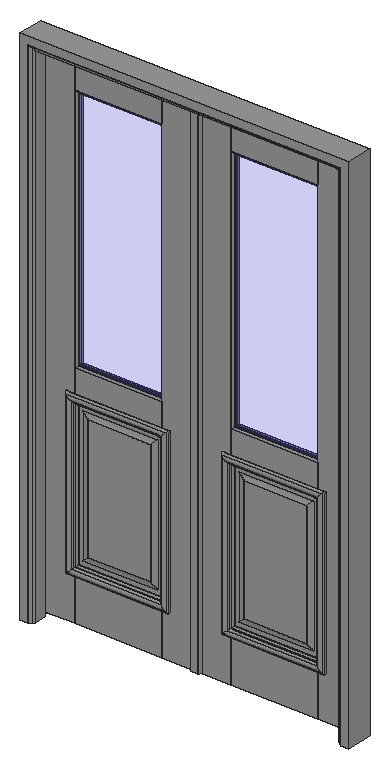
Revit family "I2P 610 GT HB", category Doors, host Wall, Revit 2013
Parameters (values of type "I2P 610 GT HB")
  Function = Interior
  Frame Projection Ext. = 25 mm
  Frame Projection Int. = 25 mm
  Frame Width = 75 mm
  Height = 2090 mm
  Wall Closure = By host
  Width = 1306 mm
Reference planes
  plane 1: y = 0
  plane 2 "Center (Left/Right)": x = 0
  plane 3 "Left": x = -653
  plane 4 "Right": x = 653
  plane 5: z = 2090
  plane 6 "Exterior": y = 75
  plane 7 "Interior": y = -75
  plane 8: z = 1947
  plane 9: z = 1681.667
Forms (mm)
  Sweep 1, solid, material "Lauan, Meranti"
    path origin (0, 75, 0) x (1, 0, 0) y (0, 0, 1)
      loop
        line (653, 0) -> (653, 2090) -> (-653, 2090) -> (-653, 0)
    profile "Van Acht 105x50 Door Frame Routed Profile (Heavy) : Van Acht 105x50 Door Frame Routed Profile (Heavy)" origin (653, 75, 1045) x (-1, 0, 0) y (0, -1, 0)
      loop
        line (0, 22.5) -> (38, 22.5) -> (38, 67.5) -> (50, 67.5) -> (50, 112.5)
        arc (50, 112.5) -> (44.957, 114.29) -> (42.17, 118.859) r 8
        line (42.17, 118.859) -> (39, 118.859)
        arc (39, 118.859) -> (35.311, 122.973) -> (30, 124.5) r 10
        line (30, 124.5) -> (30, 127.5) -> (0, 127.5) -> (0, 22.5)
  Extrusion 2, solid, material "Lauan, Meranti"
    sketch origin (0, 0, 0) x (1, 0, 0) y (0, 1, 0)
      loop
        line (-12, -2.5) -> (12, -2.5) -> (12, -0.5)
        arc (12, -0.5) -> (17.657, 1.843) -> (20, 7.5) r 8
        line (20, 7.5) -> (5, 7.5) -> (5, 39.5)
        spline (5, 39.5) -> (4.83, 42.088) -> (4.33, 44.5) -> (3.536, 46.571) -> (2.5, 48.16) -> (1.294, 49.159) -> (0, 49.5) -> (-1.294, 49.159) -> (-2.5, 48.16) -> (-3.536, 46.571) -> (-4.33, 44.5) -> (-4.83, 42.088) -> (-5, 39.5)
        line (-5, 39.5) -> (-5, 7.5) -> (-20, 7.5)
        arc (-20, 7.5) -> (-17.657, 1.843) -> (-12, -0.5) r 8
        line (-12, -0.5) -> (-12, -2.5)
    from 20 to 2040
  Extrusion 3, solid, material "Lauan, Meranti"
    sketch origin (0, 0, 1802) x (1, 0, 0) y (0, 1, 0)
      loop
        spline (5, 39.5) -> (4.83, 42.088) -> (4.33, 44.5) -> (3.536, 46.571) -> (2.5, 48.16) -> (1.294, 49.159) -> (0, 49.5) -> (-1.294, 49.159) -> (-2.5, 48.16) -> (-3.536, 46.571) -> (-4.33, 44.5) -> (-4.83, 42.088) -> (-5, 39.5)
        line (-5, 39.5) -> (-5, 7.5) -> (5, 7.5) -> (5, 39.5)
    from 238 to 250
  Extrusion 4, solid, material "Lauan, Meranti"
    sketch origin (208.5, 140, 0) x (0, -1, 0) y (0, 0, -1)
      loop
        line (132.5, -20) -> (92.5, -20) -> (92.5, -221) -> (94.5, -221)
        arc (94.5, -221) -> (96.134, -225.67) -> (100.5, -228) r 6.807
        line (100.5, -228) -> (100.5, -230) -> (102.5, -230) -> (102.5, -215) -> (122.5, -215) -> (122.5, -230) -> (124.5, -230) -> (124.5, -228)
        arc (124.5, -228) -> (128.866, -225.67) -> (130.5, -221) r 6.807
        line (130.5, -221) -> (132.5, -221) -> (132.5, -20)
      loop
        line (132.5, -809) -> (130.5, -809)
        arc (130.5, -809) -> (128.866, -804.33) -> (124.5, -802) r 6.807
        line (124.5, -802) -> (124.5, -800) -> (122.5, -800) -> (122.5, -815) -> (102.5, -815) -> (102.5, -800) -> (100.5, -800) -> (100.5, -802)
        arc (100.5, -802) -> (96.134, -804.33) -> (94.5, -809) r 6.807
        line (94.5, -809) -> (92.5, -809) -> (92.5, -931) -> (122.5, -931) -> (122.5, -940) -> (124.5, -940) -> (124.5, -938)
        arc (124.5, -938) -> (128.866, -935.67) -> (130.5, -931) r 6.807
        line (130.5, -931) -> (132.5, -931) -> (132.5, -809)
      loop
        arc (130.5, -1921) -> (128.866, -1916.33) -> (124.5, -1914) r 6.807
        line (124.5, -1914) -> (124.5, -1912) -> (122.5, -1912) -> (122.5, -1921) -> (92.5, -1921) -> (92.5, -2052) -> (132.5, -2052) -> (132.5, -1921) -> (130.5, -1921)
    from -72.5 to 275.5
  Extrusion 5, solid, material "Lauan, Meranti"
    sketch origin (208.5, 55, 0) x (1, 0, 0) y (0, 1, 0)
      loop
        line (-203.5, -47.5) -> (-72.5, -47.5) -> (-72.5, -45.5)
        arc (-72.5, -45.5) -> (-67.765, -43.94) -> (-65.5, -39.5) r 6.549
        line (-65.5, -39.5) -> (-63.5, -39.5) -> (-63.5, -37.5) -> (-78.5, -37.5) -> (-78.5, -17.5) -> (-63.5, -17.5) -> (-63.5, -15.5) -> (-65.5, -15.5)
        arc (-65.5, -15.5) -> (-67.765, -11.06) -> (-72.5, -9.5) r 6.549
        line (-72.5, -9.5) -> (-72.5, -7.5) -> (-203.5, -7.5) -> (-203.5, -47.5)
      loop
        line (406.5, -47.5) -> (406.5, -7.5) -> (275.5, -7.5) -> (275.5, -9.5)
        arc (275.5, -9.5) -> (270.765, -11.06) -> (268.5, -15.5) r 6.549
        line (268.5, -15.5) -> (266.5, -15.5) -> (266.5, -17.5) -> (281.5, -17.5) -> (281.5, -37.5) -> (266.5, -37.5) -> (266.5, -39.5) -> (268.5, -39.5)
        arc (268.5, -39.5) -> (270.765, -43.94) -> (275.5, -45.5) r 6.549
        line (275.5, -45.5) -> (275.5, -47.5) -> (406.5, -47.5)
    from 20 to 931
  Sweep 6, solid, material "Lauan, Meranti"
    path origin (208.5, -20, 0) x (1, 0, 0) y (0, 0, -1)
      loop
        line (275.5, -809) -> (275.5, -221) -> (-72.5, -221) -> (-72.5, -809) -> (275.5, -809)
    profile origin (310, -20, 809) x (0, 0, 1) y (0, 1, 0)
      loop
        line (4.5, 57.5) -> (-25.727, 57.5)
        arc (-25.727, 57.5) -> (-37.468, 59.153) -> (-48.5, 63.5) r 50.456
        line (-48.5, 63.5) -> (-48.5, 31.5)
        arc (-48.5, 31.5) -> (-37.468, 35.847) -> (-25.727, 37.5) r 50.456
        line (-25.727, 37.5) -> (4.5, 37.5) -> (4.5, 57.5)
  Extrusion 7, solid, material "Lauan, Meranti"
    sketch origin (208.5, -20, 0) x (1, 0, 0) y (0, 0, -1)
      loop
        line (227, -760.5) -> (227, -269.5) -> (-24, -269.5) -> (-24, -760.5) -> (227, -760.5)
    from 31.5 to 63.5
  Extrusion 8, solid, material "Lauan, Meranti"
    sketch origin (208.5, 55, 0) x (1, 0, 0) y (0, 1, 0)
      loop
        line (-203.5, -47.5) -> (-72.5, -47.5) -> (-72.5, -45.5)
        arc (-72.5, -45.5) -> (-67.765, -43.94) -> (-65.5, -39.5) r 6.549
        line (-65.5, -39.5) -> (-63.5, -39.5) -> (-63.5, -37.5) -> (-72.5, -37.5) -> (-72.5, -7.5) -> (-203.5, -7.5) -> (-203.5, -47.5)
      loop
        line (406.5, -47.5) -> (406.5, -7.5) -> (275.5, -7.5) -> (275.5, -37.5) -> (266.5, -37.5) -> (266.5, -39.5) -> (268.5, -39.5)
        arc (268.5, -39.5) -> (270.765, -43.94) -> (275.5, -45.5) r 6.549
        line (275.5, -45.5) -> (275.5, -47.5) -> (406.5, -47.5)
    from 931 to 2052
  Extrusion 9, solid, material "Glass"
    sketch origin (208.5, 130, 0) x (1, 0, 0) y (0, 0, -1)
      loop
        line (-72.5, -1921) -> (275.5, -1921) -> (275.5, -931) -> (-72.5, -931) -> (-72.5, -1921)
    from -112.5 to -106.1
  Sweep 10, solid, material "Lauan, Meranti"
    path origin (208.5, 130, 0) x (1, 0, 0) y (0, 0, -1)
      loop
        line (-72.5, -1921) -> (275.5, -1921) -> (275.5, -931) -> (-72.5, -931) -> (-72.5, -1921)
    profile origin (310, 130, 1921) x (0, 0, -1) y (0, 1, 0)
      loop
        line (9, -106.1) -> (9, -104.1) -> (7, -104.1)
        arc (7, -104.1) -> (4.67, -99.734) -> (0, -98.1) r 6.807
        line (0, -98.1) -> (0, -106.1) -> (9, -106.1)
  Extrusion 11, solid, material "Lauan, Meranti"
    sketch origin (-411.5, 140, 0) x (0, -1, 0) y (0, 0, -1)
      loop
        line (132.5, -20) -> (92.5, -20) -> (92.5, -221) -> (94.5, -221)
        arc (94.5, -221) -> (96.134, -225.67) -> (100.5, -228) r 6.807
        line (100.5, -228) -> (100.5, -230) -> (102.5, -230) -> (102.5, -215) -> (122.5, -215) -> (122.5, -230) -> (124.5, -230) -> (124.5, -228)
        arc (124.5, -228) -> (128.866, -225.67) -> (130.5, -221) r 6.807
        line (130.5, -221) -> (132.5, -221) -> (132.5, -20)
      loop
        line (132.5, -809) -> (130.5, -809)
        arc (130.5, -809) -> (128.866, -804.33) -> (124.5, -802) r 6.807
        line (124.5, -802) -> (124.5, -800) -> (122.5, -800) -> (122.5, -815) -> (102.5, -815) -> (102.5, -800) -> (100.5, -800) -> (100.5, -802)
        arc (100.5, -802) -> (96.134, -804.33) -> (94.5, -809) r 6.807
        line (94.5, -809) -> (92.5, -809) -> (92.5, -931) -> (122.5, -931) -> (122.5, -940) -> (124.5, -940) -> (124.5, -938)
        arc (124.5, -938) -> (128.866, -935.67) -> (130.5, -931) r 6.807
        line (130.5, -931) -> (132.5, -931) -> (132.5, -809)
      loop
        arc (130.5, -1921) -> (128.866, -1916.33) -> (124.5, -1914) r 6.807
        line (124.5, -1914) -> (124.5, -1912) -> (122.5, -1912) -> (122.5, -1921) -> (92.5, -1921) -> (92.5, -2052) -> (132.5, -2052) -> (132.5, -1921) -> (130.5, -1921)
    from -72.5 to 275.5
  Extrusion 12, solid, material "Lauan, Meranti"
    sketch origin (-411.5, 55, 0) x (1, 0, 0) y (0, 1, 0)
      loop
        line (-203.5, -47.5) -> (-72.5, -47.5) -> (-72.5, -45.5)
        arc (-72.5, -45.5) -> (-67.765, -43.94) -> (-65.5, -39.5) r 6.549
        line (-65.5, -39.5) -> (-63.5, -39.5) -> (-63.5, -37.5) -> (-78.5, -37.5) -> (-78.5, -17.5) -> (-63.5, -17.5) -> (-63.5, -15.5) -> (-65.5, -15.5)
        arc (-65.5, -15.5) -> (-67.765, -11.06) -> (-72.5, -9.5) r 6.549
        line (-72.5, -9.5) -> (-72.5, -7.5) -> (-203.5, -7.5) -> (-203.5, -47.5)
      loop
        line (406.5, -47.5) -> (406.5, -7.5) -> (275.5, -7.5) -> (275.5, -9.5)
        arc (275.5, -9.5) -> (270.765, -11.06) -> (268.5, -15.5) r 6.549
        line (268.5, -15.5) -> (266.5, -15.5) -> (266.5, -17.5) -> (281.5, -17.5) -> (281.5, -37.5) -> (266.5, -37.5) -> (266.5, -39.5) -> (268.5, -39.5)
        arc (268.5, -39.5) -> (270.765, -43.94) -> (275.5, -45.5) r 6.549
        line (275.5, -45.5) -> (275.5, -47.5) -> (406.5, -47.5)
    from 20 to 931
  Sweep 13, solid, material "Lauan, Meranti"
    path origin (-411.5, -20, 0) x (1, 0, 0) y (0, 0, -1)
      loop
        line (275.5, -809) -> (275.5, -221) -> (-72.5, -221) -> (-72.5, -809) -> (275.5, -809)
    profile origin (-310, -20, 809) x (0, 0, 1) y (0, 1, 0)
      loop
        line (4.5, 57.5) -> (-25.727, 57.5)
        arc (-25.727, 57.5) -> (-37.468, 59.153) -> (-48.5, 63.5) r 50.456
        line (-48.5, 63.5) -> (-48.5, 31.5)
        arc (-48.5, 31.5) -> (-37.468, 35.847) -> (-25.727, 37.5) r 50.456
        line (-25.727, 37.5) -> (4.5, 37.5) -> (4.5, 57.5)
  Extrusion 14, solid, material "Lauan, Meranti"
    sketch origin (-411.5, -20, 0) x (1, 0, 0) y (0, 0, -1)
      loop
        line (227, -760.5) -> (227, -269.5) -> (-24, -269.5) -> (-24, -760.5) -> (227, -760.5)
    from 31.5 to 63.5
  Extrusion 15, solid, material "Lauan, Meranti"
    sketch origin (-411.5, 55, 0) x (1, 0, 0) y (0, 1, 0)
      loop
        line (-203.5, -47.5) -> (-72.5, -47.5) -> (-72.5, -45.5)
        arc (-72.5, -45.5) -> (-67.765, -43.94) -> (-65.5, -39.5) r 6.549
        line (-65.5, -39.5) -> (-63.5, -39.5) -> (-63.5, -37.5) -> (-72.5, -37.5) -> (-72.5, -7.5) -> (-203.5, -7.5) -> (-203.5, -47.5)
      loop
        line (406.5, -47.5) -> (406.5, -7.5) -> (275.5, -7.5) -> (275.5, -37.5) -> (266.5, -37.5) -> (266.5, -39.5) -> (268.5, -39.5)
        arc (268.5, -39.5) -> (270.765, -43.94) -> (275.5, -45.5) r 6.549
        line (275.5, -45.5) -> (275.5, -47.5) -> (406.5, -47.5)
    from 931 to 2052
  Extrusion 16, solid, material "Glass"
    sketch origin (-411.5, 130, 0) x (1, 0, 0) y (0, 0, -1)
      loop
        line (-72.5, -1921) -> (275.5, -1921) -> (275.5, -931) -> (-72.5, -931) -> (-72.5, -1921)
    from -112.5 to -106.1
  Sweep 17, solid, material "Lauan, Meranti"
    path origin (-411.5, 130, 0) x (1, 0, 0) y (0, 0, -1)
      loop
        line (-72.5, -1921) -> (275.5, -1921) -> (275.5, -931) -> (-72.5, -931) -> (-72.5, -1921)
    profile origin (-310, 130, 1921) x (0, 0, -1) y (0, 1, 0)
      loop
        line (9, -106.1) -> (9, -104.1) -> (7, -104.1)
        arc (7, -104.1) -> (4.67, -99.734) -> (0, -98.1) r 6.807
        line (0, -98.1) -> (0, -106.1) -> (9, -106.1)
  Sweep 18, solid, material "Lauan, Meranti"
    path origin (270.209, -20, -1299.051) x (1, 0, 0) y (0, 0, -1)
      loop
        line (213.791, -2108.051) -> (213.791, -1520.051) -> (-134.209, -1520.051) -> (-134.209, -2108.051) -> (213.791, -2108.051)
    profile origin (310, -20, 809) x (0, 0, 1) y (0, 1, 0)
      loop
        line (31, 24) -> (31, 27.5) -> (0, 27.5) -> (0, 24)
        arc (0, 24) -> (1.904, 19.404) -> (6.5, 17.5) r 6.5
        arc (6.5, 17.5) -> (15.5, 13.5) -> (24.5, 17.5) r 12.125
        arc (24.5, 17.5) -> (29.096, 19.404) -> (31, 24) r 6.5
  Sweep 19, solid, material "Lauan, Meranti"
    path origin (-349.791, -20, -1299.051) x (1, 0, 0) y (0, 0, -1)
      loop
        line (213.791, -2108.051) -> (213.791, -1520.051) -> (-134.209, -1520.051) -> (-134.209, -2108.051) -> (213.791, -2108.051)
    profile origin (-310, -20, 809) x (0, 0, 1) y (0, 1, 0)
      loop
        line (31, 24) -> (31, 27.5) -> (0, 27.5) -> (0, 24)
        arc (0, 24) -> (1.904, 19.404) -> (6.5, 17.5) r 6.5
        arc (6.5, 17.5) -> (15.5, 13.5) -> (24.5, 17.5) r 12.125
        arc (24.5, 17.5) -> (29.096, 19.404) -> (31, 24) r 6.5
  Sweep 20, solid, material "Lauan, Meranti"
    path origin (270.209, 75, -1299.051) x (1, 0, 0) y (0, 0, 1)
      loop
        line (213.791, 2108.051) -> (-134.209, 2108.051) -> (-134.209, 1520.051) -> (213.791, 1520.051) -> (213.791, 2108.051)
    profile origin (310, 75, 809) x (0, 0, -1) y (0, -1, 0)
      loop
        arc (-31, 24) -> (-29.096, 19.404) -> (-24.5, 17.5) r 6.5
        arc (-24.5, 17.5) -> (-15.5, 13.5) -> (-6.5, 17.5) r 12.125
        arc (-6.5, 17.5) -> (-1.904, 19.404) -> (0, 24) r 6.5
        line (0, 24) -> (0, 27.5) -> (-31, 27.5) -> (-31, 24)
  Sweep 21, solid, material "Lauan, Meranti"
    path origin (-349.791, 75, -1299.051) x (1, 0, 0) y (0, 0, 1)
      loop
        line (213.791, 2108.051) -> (-134.209, 2108.051) -> (-134.209, 1520.051) -> (213.791, 1520.051) -> (213.791, 2108.051)
    profile origin (-310, 75, 809) x (0, 0, -1) y (0, -1, 0)
      loop
        arc (-31, 24) -> (-29.096, 19.404) -> (-24.5, 17.5) r 6.5
        arc (-24.5, 17.5) -> (-15.5, 13.5) -> (-6.5, 17.5) r 12.125
        arc (-6.5, 17.5) -> (-1.904, 19.404) -> (0, 24) r 6.5
        line (0, 24) -> (0, 27.5) -> (-31, 27.5) -> (-31, 24)
Cuts and joins
  joined: Extrusion 2, Extrusion 3
  joined: Extrusion 5, Extrusion 8
  joined: Extrusion 12, Extrusion 15
Lines and regions (mm)
  Opening 1
    outline origin (-3050, -75, 0) x (1, 0, 0) y (0, 0, 1)
      loop
        line (2397, 0) -> (3703, 0) -> (3703, 2090) -> (2397, 2090) -> (2397, 0)
  symbolic lines, style "Elevation Swing"
    curve 1: line (0, -75, 1045) -> (-653, -75, 2090)
    curve 2: line (0, -75, 1045) -> (-653, -75, 0)
    curve 3: line (0, -75, 1045) -> (653, -75, 2090)
    curve 4: line (0, -75, 1045) -> (653, -75, 0)
  model lines
    curve 5: line (-615, 47.5, 0) -> (-615, 657.5, 0)
    curve 6: arc (-615, 657.5, 0) -> (-183.665, 478.835, 0) -> (-5, 47.5, 0) r 610
    curve 7: arc (615, 657.5, 0) -> (183.665, 478.835, 0) -> (5, 47.5, 0) r 610
    curve 8: line (615, 657.5, 0) -> (615, 47.5, 0)
Text (mm)
  text "Exterior" at (-2295.016, 1099.543, 0), in view "Ref. Level"
  text "Exterior" at (0, 1615.38, 3698.081), in view "Left"
  text "Exterior" at (0, 1036.032, 3874.932), in view "Right"
Dimensions and locks
  equal spacing: plane 3 "Left", plane 2 "Center (Left/Right)", plane 4 "Right"
  "Width": plane 3 "Left" to plane 4 "Right"
  "Height": plane 5 to host wall
  equal spacing: host wall, curve 2, plane 5
  host wall to plane 5 = 2090 mm
  locked: plane 6 "Exterior" to host wall at 0
  locked: plane 7 "Interior" to host wall
  plane 3 "Left" to plane 4 "Right" = 1306 mm  (x2)
  cut or joined group of Extrusion 5, Extrusion 8 to Sweep 1 = 610 mm
  cut or joined group of Extrusion 12, Extrusion 15 to Sweep 1 = 610 mm
  aligned and locked: plane 3 "Left" to Opening 1 sketch curve
  aligned and locked: plane 5 to Opening 1 sketch curve  (x2)
  aligned and locked: Opening 1 sketch curve to plane 4 "Right"
  aligned and locked: Opening 1 sketch curve to level
  aligned and locked: plane 5 to curve 1
  aligned and locked: plane 3 "Left" to curve 2
  aligned and locked: plane 1 to host wall
  aligned and locked: plane 3 "Left" to curve 1
Automatic sketch dimensions
  curve 2 to plane 2 "Center (Left/Right)" = 0 mm
  curve 2 to level = 0 mm
  plane 3 "Left" to Sweep 1 sketch curve = 0 mm
  plane 4 "Right" to Sweep 1 sketch curve = 0 mm
  Sweep 1 sketch curve to plane 5 = 0 mm
  Sweep 1 sketch curve to level = 0 mm  (x2)
  curve 4 to plane 2 "Center (Left/Right)" = 0 mm
  curve 4 to plane 9 = 636.667 mm
  curve 4 to level = 0 mm
  plane 4 "Right" to curve 4 = 0 mm
  plane 4 "Right" to curve 3 = 0 mm
  curve 3 to plane 5 = 0 mm
  curve 5 to plane 3 "Left" = 38 mm
  host wall to curve 5 = 582.5 mm
  plane 4 "Right" to curve 8 = 38 mm
  curve 6 to plane 2 "Center (Left/Right)" = 5 mm
  plane 2 "Center (Left/Right)" to curve 7 = 5 mm
  host wall to curve 8 = 582.5 mm
  curve 5 to curve 6 = 0 mm
  curve 8 to curve 7 = 0 mm
  Extrusion 2 sketch curve to host wall = 7.5 mm
  Extrusion 2 sketch curve to plane 2 "Center (Left/Right)" = 20 mm
  host wall to Extrusion 2 sketch curve = 2.5 mm
  Extrusion 2 sketch curve to plane 2 "Center (Left/Right)" = 0 mm
  host wall to Extrusion 2 sketch curve = 0.5 mm  (x2)
  Extrusion 2 sketch curve to Extrusion 2 sketch curve = 5 mm
  plane 2 "Center (Left/Right)" to Extrusion 2 sketch curve = 12 mm
  Extrusion 2 sketch curve to Extrusion 2 sketch curve = 8 mm
  Extrusion 2 sketch curve to Extrusion 2 sketch curve = 32 mm
  Extrusion 3 sketch curve to plane 2 "Center (Left/Right)" = 5 mm
  Extrusion 3 sketch curve to host wall = 7.5 mm
  Extrusion 3 sketch curve to plane 2 "Center (Left/Right)" = 0 mm
  Extrusion 3 sketch curve to Extrusion 3 sketch curve = 32 mm
  Extrusion 4 sketch curve to host wall = 27.5 mm  (x3)
  Extrusion 4 sketch curve to host wall = 7.5 mm
  plane 5 to Extrusion 4 sketch curve = 38 mm
  Extrusion 4 sketch curve to Extrusion 4 sketch curve = 2 mm  (x17)
  Extrusion 4 sketch curve to Extrusion 4 sketch curve = 6 mm  (x6)
  Extrusion 4 sketch curve to Extrusion 4 sketch curve = 10 mm
  Extrusion 4 sketch curve to host wall = 17.5 mm  (x3)
  Extrusion 4 sketch curve to Extrusion 4 sketch curve = 8 mm
  Extrusion 4 sketch curve to Extrusion 4 sketch curve = 1.197 mm  (x6)
  Extrusion 4 sketch curve to plane 8 = 26 mm
  Extrusion 4 sketch curve to Extrusion 4 sketch curve = 0 mm  (x3)
  Extrusion 4 sketch curve to Extrusion 4 sketch curve = 7 mm  (x6)
  Extrusion 4 sketch curve to plane 9 = 741.667 mm
  Extrusion 4 sketch curve to Extrusion 4 sketch curve = 116 mm
  level to Extrusion 4 sketch curve = 230 mm
  Extrusion 4 sketch curve to Extrusion 4 sketch curve = 6.241 mm
  level to Extrusion 4 sketch curve = 20 mm
  plane 2 "Center (Left/Right)" to Extrusion 5 sketch curve = 5 mm
  Extrusion 5 sketch curve to host wall = 7.5 mm  (x2)
  Extrusion 5 sketch curve to host wall = 17.5 mm  (x2)
  Extrusion 5 sketch curve to Extrusion 5 sketch curve = 125 mm
  Extrusion 5 sketch curve to Extrusion 5 sketch curve = 6 mm  (x5)
  Extrusion 5 sketch curve to Extrusion 5 sketch curve = 7 mm  (x4)
  Extrusion 5 sketch curve to Extrusion 5 sketch curve = 2 mm  (x12)
  plane 4 "Right" to Extrusion 5 sketch curve = 178 mm
  Extrusion 5 sketch curve to Extrusion 5 sketch curve = 0 mm
  plane 4 "Right" to Extrusion 5 sketch curve = 38 mm
  Extrusion 5 sketch curve to Extrusion 5 sketch curve = 6.527 mm  (x4)
  Extrusion 5 sketch curve to Extrusion 5 sketch curve = 20 mm  (x2)
  plane 2 "Center (Left/Right)" to Sweep 6 sketch curve = 136 mm
  level to Sweep 6 sketch curve = 809 mm
  plane 4 "Right" to Sweep 6 sketch curve = 169 mm
  level to Sweep 6 sketch curve = 221 mm
  profile plane to Sweep 6 sketch curve = 48.5 mm
  profile plane to Sweep 6 sketch curve = 31.5 mm
  Sweep 6 sketch curve to Sweep 6 sketch curve = 22.773 mm
  Sweep 6 sketch curve to Sweep 6 sketch curve = 0 mm
  Sweep 6 sketch curve to profile plane = 4.5 mm
  profile plane to Sweep 6 sketch curve = 24.613 mm  (x2)
  profile plane to Sweep 6 sketch curve = 37.5 mm
  Sweep 6 sketch curve to Sweep 6 sketch curve = 20 mm
  Sweep 6 sketch curve to Sweep 6 sketch curve = 6 mm
  plane 2 "Center (Left/Right)" to Extrusion 7 sketch curve = 184.5 mm
  level to Extrusion 7 sketch curve = 760.5 mm
  plane 4 "Right" to Extrusion 7 sketch curve = 217.5 mm
  level to Extrusion 7 sketch curve = 269.5 mm
  plane 2 "Center (Left/Right)" to Extrusion 8 sketch curve = 5 mm
  Extrusion 8 sketch curve to host wall = 7.5 mm  (x2)
  Extrusion 8 sketch curve to host wall = 17.5 mm  (x2)
  Extrusion 8 sketch curve to Extrusion 8 sketch curve = 131 mm
  Extrusion 8 sketch curve to Extrusion 8 sketch curve = 0 mm
  Extrusion 8 sketch curve to Extrusion 8 sketch curve = 7 mm  (x2)
  Extrusion 8 sketch curve to Extrusion 8 sketch curve = 2 mm  (x6)
  plane 4 "Right" to Extrusion 8 sketch curve = 178 mm
  Extrusion 8 sketch curve to Extrusion 8 sketch curve = 9 mm
  plane 4 "Right" to Extrusion 8 sketch curve = 38 mm
  Extrusion 8 sketch curve to Extrusion 8 sketch curve = 0.473 mm  (x2)
  Extrusion 8 sketch curve to host wall = 27.5 mm  (x2)
  plane 2 "Center (Left/Right)" to Extrusion 9 sketch curve = 136 mm
  Extrusion 9 sketch curve to plane 8 = 26 mm
  plane 4 "Right" to Extrusion 9 sketch curve = 169 mm
  Extrusion 9 sketch curve to plane 9 = 750.667 mm
  plane 2 "Center (Left/Right)" to Sweep 10 sketch curve = 136 mm
  Sweep 10 sketch curve to plane 8 = 26 mm
  plane 4 "Right" to Sweep 10 sketch curve = 169 mm
  Sweep 10 sketch curve to plane 9 = 750.667 mm
  Sweep 10 sketch curve to profile plane = 0 mm
  Sweep 10 sketch curve to profile plane = 9 mm
  Sweep 10 sketch curve to profile plane = 106.1 mm
  Sweep 10 sketch curve to Sweep 10 sketch curve = 2 mm  (x2)
  Sweep 10 sketch curve to profile plane = 0.241 mm
  Sweep 10 sketch curve to Sweep 10 sketch curve = 8 mm
  Extrusion 11 sketch curve to host wall = 27.5 mm  (x3)
  Extrusion 11 sketch curve to host wall = 7.5 mm
  plane 5 to Extrusion 11 sketch curve = 38 mm
  Extrusion 11 sketch curve to Extrusion 11 sketch curve = 2 mm  (x17)
  Extrusion 11 sketch curve to Extrusion 11 sketch curve = 6 mm  (x6)
  Extrusion 11 sketch curve to Extrusion 11 sketch curve = 10 mm
  Extrusion 11 sketch curve to host wall = 17.5 mm  (x3)
  Extrusion 11 sketch curve to Extrusion 11 sketch curve = 8 mm
  Extrusion 11 sketch curve to Extrusion 11 sketch curve = 1.197 mm  (x6)
  Extrusion 11 sketch curve to plane 8 = 26 mm
  Extrusion 11 sketch curve to Extrusion 11 sketch curve = 0 mm  (x3)
  Extrusion 11 sketch curve to Extrusion 11 sketch curve = 7 mm  (x6)
  Extrusion 11 sketch curve to plane 9 = 741.667 mm
  Extrusion 11 sketch curve to Extrusion 11 sketch curve = 116 mm
  level to Extrusion 11 sketch curve = 230 mm
  Extrusion 11 sketch curve to Extrusion 11 sketch curve = 6.241 mm
  level to Extrusion 11 sketch curve = 20 mm
  Extrusion 12 sketch curve to plane 3 "Left" = 38 mm
  Extrusion 12 sketch curve to host wall = 7.5 mm  (x2)
  Extrusion 12 sketch curve to host wall = 17.5 mm  (x2)
  Extrusion 12 sketch curve to Extrusion 12 sketch curve = 125 mm
  Extrusion 12 sketch curve to Extrusion 12 sketch curve = 6 mm  (x5)
  Extrusion 12 sketch curve to Extrusion 12 sketch curve = 7 mm  (x4)
  Extrusion 12 sketch curve to Extrusion 12 sketch curve = 2 mm  (x12)
  Extrusion 12 sketch curve to plane 2 "Center (Left/Right)" = 145 mm
  Extrusion 12 sketch curve to Extrusion 12 sketch curve = 0 mm
  Extrusion 12 sketch curve to plane 2 "Center (Left/Right)" = 5 mm
  Extrusion 12 sketch curve to Extrusion 12 sketch curve = 6.527 mm  (x4)
  Extrusion 12 sketch curve to Extrusion 12 sketch curve = 20 mm  (x2)
  Sweep 13 sketch curve to plane 3 "Left" = 169 mm
  level to Sweep 13 sketch curve = 809 mm
  Sweep 13 sketch curve to plane 2 "Center (Left/Right)" = 136 mm
  level to Sweep 13 sketch curve = 221 mm
  profile plane to Sweep 13 sketch curve = 48.5 mm
  profile plane to Sweep 13 sketch curve = 31.5 mm
  Sweep 13 sketch curve to Sweep 13 sketch curve = 22.773 mm
  Sweep 13 sketch curve to Sweep 13 sketch curve = 0 mm
  Sweep 13 sketch curve to profile plane = 4.5 mm
  profile plane to Sweep 13 sketch curve = 24.613 mm  (x2)
  profile plane to Sweep 13 sketch curve = 37.5 mm
  Sweep 13 sketch curve to Sweep 13 sketch curve = 20 mm
  Sweep 13 sketch curve to Sweep 13 sketch curve = 6 mm
  Extrusion 14 sketch curve to plane 3 "Left" = 217.5 mm
  level to Extrusion 14 sketch curve = 760.5 mm
  Extrusion 14 sketch curve to plane 2 "Center (Left/Right)" = 184.5 mm
  level to Extrusion 14 sketch curve = 269.5 mm
  Extrusion 15 sketch curve to plane 3 "Left" = 38 mm
  Extrusion 15 sketch curve to host wall = 7.5 mm  (x2)
  Extrusion 15 sketch curve to host wall = 17.5 mm  (x2)
  Extrusion 15 sketch curve to Extrusion 15 sketch curve = 131 mm
  Extrusion 15 sketch curve to Extrusion 15 sketch curve = 0 mm
  Extrusion 15 sketch curve to Extrusion 15 sketch curve = 7 mm  (x2)
  Extrusion 15 sketch curve to Extrusion 15 sketch curve = 2 mm  (x6)
  Extrusion 15 sketch curve to plane 2 "Center (Left/Right)" = 145 mm
  Extrusion 15 sketch curve to Extrusion 15 sketch curve = 9 mm
  Extrusion 15 sketch curve to plane 2 "Center (Left/Right)" = 5 mm
  Extrusion 15 sketch curve to Extrusion 15 sketch curve = 0.473 mm  (x2)
  Extrusion 15 sketch curve to host wall = 27.5 mm  (x2)
  Extrusion 16 sketch curve to plane 3 "Left" = 169 mm
  Extrusion 16 sketch curve to plane 8 = 26 mm
  Extrusion 16 sketch curve to plane 2 "Center (Left/Right)" = 136 mm
  Extrusion 16 sketch curve to plane 9 = 750.667 mm
  Sweep 17 sketch curve to plane 3 "Left" = 169 mm
  Sweep 17 sketch curve to plane 8 = 26 mm
  Sweep 17 sketch curve to plane 2 "Center (Left/Right)" = 136 mm
  Sweep 17 sketch curve to plane 9 = 750.667 mm
  Sweep 17 sketch curve to profile plane = 0 mm
  Sweep 17 sketch curve to profile plane = 9 mm
  Sweep 17 sketch curve to profile plane = 106.1 mm
  Sweep 17 sketch curve to Sweep 17 sketch curve = 2 mm  (x2)
  Sweep 17 sketch curve to profile plane = 0.241 mm
  Sweep 17 sketch curve to Sweep 17 sketch curve = 8 mm
  plane 2 "Center (Left/Right)" to Sweep 18 sketch curve = 136 mm
  level to Sweep 18 sketch curve = 809 mm
  plane 4 "Right" to Sweep 18 sketch curve = 169 mm
  level to Sweep 18 sketch curve = 221 mm
  profile plane to Sweep 18 sketch curve = 0 mm
  profile plane to Sweep 18 sketch curve = 24 mm
  Sweep 18 sketch curve to Sweep 18 sketch curve = 31 mm
  Sweep 18 sketch curve to profile plane = 6.5 mm
  Sweep 18 sketch curve to Sweep 18 sketch curve = 9 mm
  Sweep 18 sketch curve to Sweep 18 sketch curve = 6.5 mm
  Sweep 18 sketch curve to Sweep 18 sketch curve = 3.5 mm
  Sweep 18 sketch curve to Sweep 18 sketch curve = 1.625 mm
  Sweep 19 sketch curve to plane 3 "Left" = 169 mm
  level to Sweep 19 sketch curve = 809 mm
  Sweep 19 sketch curve to plane 2 "Center (Left/Right)" = 136 mm
  level to Sweep 19 sketch curve = 221 mm
  profile plane to Sweep 19 sketch curve = 0 mm
  profile plane to Sweep 19 sketch curve = 24 mm
  Sweep 19 sketch curve to profile plane = 31 mm
  Sweep 19 sketch curve to profile plane = 6.5 mm
  Sweep 19 sketch curve to Sweep 19 sketch curve = 9 mm
  Sweep 19 sketch curve to Sweep 19 sketch curve = 6.5 mm
  Sweep 19 sketch curve to Sweep 19 sketch curve = 3.5 mm
  Sweep 19 sketch curve to Sweep 19 sketch curve = 1.625 mm
  plane 2 "Center (Left/Right)" to Sweep 20 sketch curve = 136 mm
  level to Sweep 20 sketch curve = 221 mm
  plane 4 "Right" to Sweep 20 sketch curve = 169 mm
  Sweep 20 sketch curve to Sweep 20 sketch curve = 588 mm
  Sweep 20 sketch curve to profile plane = 0 mm
  profile plane to Sweep 20 sketch curve = 24 mm
  profile plane to Sweep 20 sketch curve = 31 mm
  Sweep 20 sketch curve to Sweep 20 sketch curve = 6.5 mm
  Sweep 20 sketch curve to Sweep 20 sketch curve = 9 mm
  profile plane to Sweep 20 sketch curve = 6.5 mm
  Sweep 20 sketch curve to Sweep 20 sketch curve = 3.5 mm
  Sweep 20 sketch curve to Sweep 20 sketch curve = 1.625 mm
  Sweep 21 sketch curve to plane 3 "Left" = 169 mm
  level to Sweep 21 sketch curve = 221 mm
  Sweep 21 sketch curve to plane 2 "Center (Left/Right)" = 136 mm
  Sweep 21 sketch curve to Sweep 21 sketch curve = 588 mm
  Sweep 21 sketch curve to profile plane = 0 mm
  profile plane to Sweep 21 sketch curve = 24 mm
  profile plane to Sweep 21 sketch curve = 31 mm
  Sweep 21 sketch curve to Sweep 21 sketch curve = 6.5 mm
  Sweep 21 sketch curve to Sweep 21 sketch curve = 9 mm
  profile plane to Sweep 21 sketch curve = 6.5 mm
  Sweep 21 sketch curve to Sweep 21 sketch curve = 3.5 mm
  Sweep 21 sketch curve to Sweep 21 sketch curve = 1.625 mm
